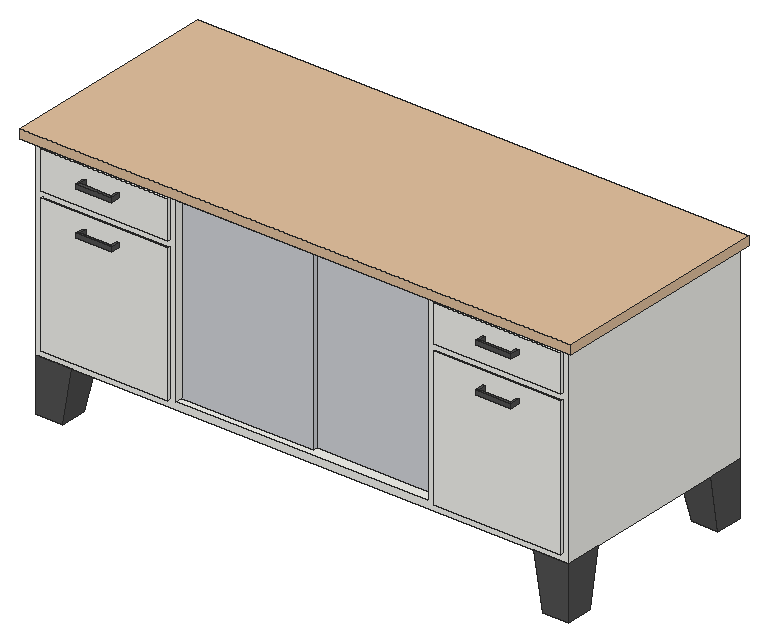
Revit family
Parameters (values of type "1525 x 610mm")
  Depth = 610.00 mm
  Desk-Body = Laminate - Ivory, Matte
  Handle/Leg Material = Metal - Chrome
  Top Material = Wood - Cherry
  Height = 734.00 mm
  Width = 1525.00 mm
Types (3, lengths in mm): name | Width
  (no name) | 1525.00
  1830 x 610mm | 1830.00
  1525 x 610mm | 1525.00
Reference planes
  plane 1 "Center (Front/Back)": y = 4.58
  plane 2: z = 0
  plane 3 "Center (Left/Right)": x = 59.544
  plane 4 "Back": y = 309.58
  plane 5 "Front": y = -300.42
  plane 6 "Right": x = 822.044
  plane 7 "Left": x = -702.956
  plane 8 "Top": z = 734
  plane 9: z = 152.4
  plane 10: x = -321.706
  plane 11: x = 440.794
  plane 12: y = -306.77
  plane 13: y = 290.33
  plane 14: x = 631.419
  plane 15: z = 654.137
  plane 16: z = 527.05
  plane 17: x = 694.544
  plane 18: x = -512.331
  plane 19: z = 654.05
  plane 20: z = 527.05
Forms (mm)
  Extrusion 1, solid, material "Wood - Cherry" <- "Top Material"
    sketch origin (0, 0, 0) x (1, 0, 0) y (0, 1, 0)
      loop
        line (-728.356, 309.58) -> (-728.356, -325.82) -> (847.444, -325.82) -> (847.444, 309.58) -> (-728.356, 309.58)
    from 708.6 to 734
  Extrusion 2, solid, material "Laminate - Ivory, Matte" <- "Desk-Body"
    sketch origin (0, 0, 0) x (1, 0, 0) y (0, 1, 0)
      loop
        line (-702.956, 309.58) -> (-702.956, -300.42) -> (822.044, -300.42) -> (822.044, 309.58) -> (-702.956, 309.58)
    from 152.4 to 708.6
  Blend 3, solid, material "Metal - Chrome" <- "Handle/Leg Material"
    base sketch origin (-854.856, 614.18, 0) x (1, 0, 0) y (0, 1, 0)
      loop
        line (1676.9, -914.6) -> (1676.9, -838.4) -> (1600.7, -838.4) -> (1600.7, -914.6) -> (1676.9, -914.6)
    top sketch origin (-854.856, 614.18, 0) x (1, 0, 0) y (0, 1, 0)
      loop
        line (1676.9, -914.6) -> (1676.9, -813) -> (1575.3, -813) -> (1575.3, -914.6) -> (1676.9, -914.6)
    from 0 to 152.4
  Blend 4, solid, material "Metal - Chrome" <- "Handle/Leg Material"
    base sketch origin (973.944, -605.02, 0) x (-1, 0, 0) y (0, -1, 0)
      loop
        line (1676.9, -914.6) -> (1676.9, -838.4) -> (1600.7, -838.4) -> (1600.7, -914.6) -> (1676.9, -914.6)
    top sketch origin (973.944, -605.02, 0) x (-1, 0, 0) y (0, -1, 0)
      loop
        line (1676.9, -914.6) -> (1676.9, -813) -> (1575.3, -813) -> (1575.3, -914.6) -> (1676.9, -914.6)
    from 0 to 152.4
  Blend 5, solid, material "Metal - Chrome" <- "Handle/Leg Material"
    base sketch origin (973.944, 614.18, 0) x (-1, 0, 0) y (0, -1, 0)
      loop
        line (1676.9, 914.6) -> (1600.7, 914.6) -> (1600.7, 838.4) -> (1676.9, 838.4) -> (1676.9, 914.6)
    top sketch origin (973.944, 614.18, 0) x (-1, 0, 0) y (0, -1, 0)
      loop
        line (1676.9, 914.6) -> (1575.3, 914.6) -> (1575.3, 813) -> (1676.9, 813) -> (1676.9, 914.6)
    from 0 to 152.4
  Extrusion 6, solid, material "Laminate - Ivory, Matte" <- "Desk-Body"
    sketch origin (1143, 309.58, 0) x (1, 0, 0) y (0, 0, 1)
      loop
        line (-1826.906, 689.55) -> (-1826.906, 581.6) -> (-1464.706, 581.6) -> (-1464.706, 689.55) -> (-1826.906, 689.55)
      loop
        line (-1464.706, 171.45) -> (-1464.706, 562.55) -> (-1826.906, 562.55) -> (-1826.906, 171.45) -> (-1464.706, 171.45)
    from 610 to 616.35
  Extrusion 7, solid, material "Laminate - Ivory, Matte" <- "Desk-Body"
    sketch origin (1143, 309.58, 0) x (1, 0, 0) y (0, 0, 1)
      loop
        line (-702.206, 689.55) -> (-702.206, 584.2) -> (-340.006, 584.2) -> (-340.006, 689.55) -> (-702.206, 689.55)
      loop
        line (-340.006, 171.45) -> (-340.006, 565.15) -> (-702.206, 565.15) -> (-702.206, 171.45) -> (-340.006, 171.45)
    from 609.6 to 615.95
  Blend 8, solid, material "Metal - Chrome" <- "Handle/Leg Material"
    base sketch origin (-854.856, -605.02, 0) x (1, 0, 0) y (0, 1, 0)
      loop
        line (1676.9, 914.6) -> (1600.7, 914.6) -> (1600.7, 838.4) -> (1676.9, 838.4) -> (1676.9, 914.6)
    top sketch origin (-854.856, -605.02, 0) x (1, 0, 0) y (0, 1, 0)
      loop
        line (1676.9, 914.6) -> (1575.3, 914.6) -> (1575.3, 813) -> (1676.9, 813) -> (1676.9, 914.6)
    from 0 to 152.4
  Extrusion 9, void
    sketch origin (1143, 309.58, 0) x (1, 0, 0) y (0, 0, 1)
      loop
        line (-1445.656, 689.55) -> (-1445.656, 171.45) -> (-721.256, 171.45) -> (-721.256, 689.55) -> (-1445.656, 689.55)
    from 19.25 to 610
  Extrusion 10, solid
    sketch origin (1143, 309.58, 0) x (1, 0, 0) y (0, 0, 1)
      loop
        line (-1069.375, 689.55) -> (-1445.656, 689.55) -> (-1445.656, 171.45) -> (-1069.375, 171.45) -> (-1069.375, 689.55)
    from 576.652 to 589.352
  Extrusion 11, solid
    sketch origin (34.008, -300.42, 0) x (1, 0, 0) y (0, 0, 1)
      loop
        line (387.736, 689.55) -> (12.836, 689.55) -> (12.836, 171.45) -> (387.736, 171.45) -> (387.736, 689.55)
    from -45.648 to -33.348
  Sweep 12, solid, material "Metal - Chrome" <- "Handle/Leg Material"
    path origin (0, 0, 0) x (1, 0, 0) y (0, 1, 0)
      loop
        line (580.619, -306.77) -> (580.619, -332.17) -> (682.219, -332.17) -> (682.219, -306.77)
    profile origin (0, -319.47, 0) x (1, 0, 0) y (0, 0, 1)
      loop
        line (580.619, 654.137) -> (580.619, 641.437) -> (586.969, 641.437) -> (586.969, 654.137) -> (580.619, 654.137)
      loop
        line (580.619, 527.05) -> (580.619, 514.35) -> (586.969, 514.35) -> (586.969, 527.05) -> (580.619, 527.05)
  Sweep 13, solid, material "Metal - Chrome" <- "Handle/Leg Material"
    path origin (0, 0, 0) x (1, 0, 0) y (0, 1, 0)
      loop
        line (-563.131, -306.77) -> (-563.131, -332.17) -> (-461.531, -332.17) -> (-461.531, -306.77)
    profile origin (0, -319.47, 0) x (1, 0, 0) y (0, 0, 1)
      loop
        line (-563.131, 527.05) -> (-563.131, 514.35) -> (-556.781, 514.35) -> (-556.781, 527.05) -> (-563.131, 527.05)
      loop
        line (-563.131, 654.05) -> (-563.131, 641.35) -> (-556.781, 641.35) -> (-556.781, 654.05) -> (-563.131, 654.05)
Cuts and joins
  Extrusion 9 cuts Extrusion 1
  Extrusion 9 cuts Extrusion 2
  Extrusion 9 cuts Blend 3
  Extrusion 9 cuts Blend 4
  Extrusion 9 cuts Blend 5
  Extrusion 9 cuts Extrusion 6
  Extrusion 9 cuts Extrusion 7
  Extrusion 9 cuts Blend 8
Lines and regions (mm)
  Masking region 1
    outline origin (0, 0, 0) x (1, 0, 0) y (0, 1, 0)
      loop
        line (-702.956, 309.58) -> (-702.956, -306.77) -> (822.044, -306.77) -> (822.044, 309.58) -> (-702.956, 309.58)
Dimensions and locks
  equal spacing: plane 7 "Left", plane 3 "Center (Left/Right)", plane 6 "Right"
  equal spacing: plane 5 "Front", plane 1 "Center (Front/Back)", plane 4 "Back"
  "Width": plane 7 "Left" to plane 6 "Right"
  "Depth": plane 5 "Front" to plane 4 "Back"
  "Height": plane 8 "Top" to plane 2
  locked: Extrusion 1 to Extrusion 1 at 25.4
  locked: plane 9 to plane 2 at 152.4
  equal spacing: plane 7 "Left", plane 10, plane 3 "Center (Left/Right)"
  equal spacing: plane 6 "Right", plane 11, plane 3 "Center (Left/Right)"
  plane 12 to plane 5 "Front" = 6.35 mm
  Extrusion 1 to Extrusion 6 sketch curve = 19.05 mm
  equal spacing: plane 11, plane 14, plane 6 "Right"
  equal spacing: plane 7 "Left", plane 18, plane 10
  aligned and locked: Extrusion 1 to plane 8 "Top"
  aligned and locked: Extrusion 2 to Extrusion 1
  aligned and locked: plane 6 "Right" to Extrusion 2 sketch curve
  aligned and locked: Extrusion 2 sketch curve to plane 5 "Front"
  aligned and locked: plane 4 "Back" to Extrusion 1 sketch curve
  aligned and locked: Extrusion 6 to plane 5 "Front"
  aligned and locked: Extrusion 6 to plane 12
  aligned and locked: plane 5 "Front" to Extrusion 9
  aligned and locked: plane 13 to Extrusion 9
  aligned and locked: Extrusion 11 to Extrusion 10
  aligned and locked: cut or joined group of Extrusion 2, Extrusion 9 to Extrusion 11
Automatic sketch dimensions
  Blend 3 sketch curve to plane 5 "Front" = 0.00 mm  (x2)
  Blend 3 sketch curve to plane 6 "Right" = 0.00 mm  (x2)
  Blend 3 sketch curve to Blend 3 sketch curve = 76.20 mm  (x2)
  Blend 3 sketch curve to Blend 3 sketch curve = 101.60 mm  (x2)
  Blend 4 sketch curve to plane 4 "Back" = 0.00 mm  (x2)
  Blend 4 sketch curve to plane 7 "Left" = 0.00 mm  (x2)
  Blend 4 sketch curve to Blend 4 sketch curve = 76.20 mm  (x2)
  Blend 4 sketch curve to Blend 4 sketch curve = 101.60 mm  (x2)
  Blend 5 sketch curve to plane 5 "Front" = 0.00 mm  (x2)
  Blend 5 sketch curve to plane 7 "Left" = 0.00 mm  (x2)
  Blend 5 sketch curve to Blend 5 sketch curve = 76.20 mm  (x2)
  Blend 5 sketch curve to Blend 5 sketch curve = 101.60 mm  (x2)
  plane 5 "Front" to Extrusion 1 sketch curve = 25.40 mm
  plane 7 "Left" to Extrusion 1 sketch curve = 25.40 mm
  Extrusion 1 sketch curve to plane 6 "Right" = 25.40 mm
  Blend 8 sketch curve to plane 4 "Back" = 0.00 mm  (x2)
  Blend 8 sketch curve to plane 6 "Right" = 0.00 mm  (x2)
  Blend 8 sketch curve to Blend 8 sketch curve = 76.20 mm  (x2)
  Blend 8 sketch curve to Blend 8 sketch curve = 101.60 mm  (x2)
  Extrusion 9 sketch curve to plane 10 = 19.05 mm
  plane 11 to Extrusion 9 sketch curve = 19.05 mm
  Extrusion 9 sketch curve to plane 9 = 19.05 mm
  plane 8 "Top" to Extrusion 9 sketch curve = 44.45 mm
  plane 3 "Center (Left/Right)" to Extrusion 10 sketch curve = 14.081 mm
  Extrusion 10 sketch curve to plane 9 = 19.05 mm
  Extrusion 10 sketch curve to plane 10 = 19.05 mm
  plane 8 "Top" to Extrusion 10 sketch curve = 44.45 mm
  Extrusion 11 sketch curve to plane 3 "Center (Left/Right)" = 12.70 mm
  Extrusion 11 sketch curve to plane 9 = 19.05 mm
  plane 11 to Extrusion 11 sketch curve = 19.05 mm
  plane 8 "Top" to Extrusion 11 sketch curve = 44.45 mm
  Extrusion 7 sketch curve to plane 11 = 0.00 mm  (x2)
  plane 6 "Right" to Extrusion 7 sketch curve = 19.05 mm  (x2)
  Extrusion 7 sketch curve to plane 9 = 19.05 mm
  Extrusion 7 sketch curve to Extrusion 7 sketch curve = 393.70 mm
  Extrusion 7 sketch curve to Extrusion 7 sketch curve = 19.05 mm
  plane 8 "Top" to Extrusion 7 sketch curve = 44.45 mm
  Extrusion 6 sketch curve to plane 10 = 0.00 mm  (x2)
  Extrusion 6 sketch curve to plane 7 "Left" = 19.05 mm
  Extrusion 6 sketch curve to Extrusion 6 sketch curve = 0.00 mm
  Extrusion 6 sketch curve to Extrusion 6 sketch curve = 107.95 mm
  Extrusion 6 sketch curve to Extrusion 6 sketch curve = 19.05 mm
  Extrusion 6 sketch curve to plane 9 = 19.05 mm
  Sweep 12 sketch curve to plane 12 = 0.00 mm  (x2)
  Sweep 12 sketch curve to plane 12 = 25.40 mm
  Sweep 12 sketch curve to plane 14 = 50.80 mm
  plane 14 to Sweep 12 sketch curve = 50.80 mm
  Sweep 12 sketch curve to profile plane = 0.00 mm  (x2)
  Sweep 12 sketch curve to plane 16 = 0.00 mm
  Sweep 12 sketch curve to plane 15 = 0.00 mm
  Sweep 12 sketch curve to profile plane = 6.35 mm  (x2)
  plane 16 to Sweep 12 sketch curve = 12.70 mm
  plane 15 to Sweep 12 sketch curve = 12.70 mm
  Sweep 13 sketch curve to plane 12 = 0.00 mm  (x2)
  Sweep 13 sketch curve to plane 12 = 25.40 mm
  Sweep 13 sketch curve to plane 18 = 50.80 mm
  plane 18 to Sweep 13 sketch curve = 50.80 mm
  Sweep 13 sketch curve to profile plane = 0.00 mm  (x2)
  Sweep 13 sketch curve to plane 19 = 0.00 mm
  Sweep 13 sketch curve to plane 20 = 0.00 mm
  Sweep 13 sketch curve to profile plane = 6.35 mm  (x2)
  plane 20 to Sweep 13 sketch curve = 12.70 mm
  Sweep 13 sketch curve to Sweep 13 sketch curve = 12.70 mm
  Extrusion 2 sketch curve to plane 7 "Left" = 0.00 mm
  Extrusion 2 sketch curve to plane 4 "Back" = 0.00 mm
  Masking region 1 sketch curve to plane 7 "Left" = 0.00 mm
  Masking region 1 sketch curve to plane 6 "Right" = 0.00 mm
  Masking region 1 sketch curve to plane 12 = 0.00 mm
  Masking region 1 sketch curve to plane 4 "Back" = 0.00 mm
